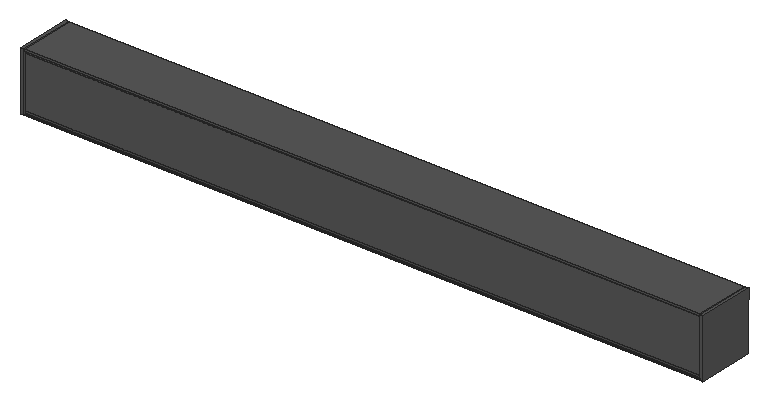
Revit family "EOS4.0-W-DI", category Lighting Fixtures, host Face, Revit 2018
Family settings
  Host = Face
  Round Connector Dimension = Use Diameter
  Part Type = Normal
  Cut with Voids When Loaded = No
  Light Source = Yes
  Shared = Yes
  Room Calculation Point = Yes
Parameters (values of type "4' Direct/ Indirect")
  Wattage = 35.2941 W
  built-in parameter 1150110 = 1 (stored number, unit not read)
  Voltage = 0 V
  built-in parameter 1114217 = 1 (stored number, unit not read)
  built-in parameter 1150109 = 1 (stored number, unit not read)
  built-in parameter 1150134 = 12
  Switch Leg Visibility = yes
  Switch Leg [instance] = ""
  built-in parameter 1150113 = 1 (stored number, unit not read)
  Material [instance] = LUX ILLUMINAIRE Black
  built-in parameter 1150105 = 954.93 (stored number, unit not read)
  Lumens = 3000 lm
  built-in parameter 1150115 = 1 (stored number, unit not read)
  Light Source Symbol Size = 2' - 0"
  built-in parameter 1150137 = (empty or 0)
  built-in parameter 1150139 = (empty or 0)
  built-in parameter 1150112 = 1 (stored number, unit not read)
  built-in parameter 1150114 = 1 (stored number, unit not read)
  Lamp = "LED"
  built-in parameter 1150132 = 2
  built-in parameter 1150102 = (empty or 0)
  built-in parameter 1150107 = 4000 (stored number, unit not read)
  built-in parameter 1150138 = (empty or 0)
  built-in parameter 1150106 = 9.5493 (stored number, unit not read)
  Fixture Width = 0' - 4 3/16"
  Fixture Symbol Visiblity = yes
  Fixture Length = 4' - 0"
  Emit from Rectangle Width = Fixture Width - 0' 0" - 0' 0 1/2"  # 0' - 3 11/16"
  Emit from Rectangle Length = Fixture Length - 0' 0" - 0' 0 1/2"  # 3' - 11 1/2"
  Emit Shape Visible in Rendering = yes
  Emergency Lighting [instance] = no
  built-in parameter 1150104 = 7.8968 (stored number, unit not read)
  Dimming Lamp Color Temperature Shift = <None>
  Default Elevation = 7' - 0"
  Color Filter = 16777215
  built-in parameter 1140040 [instance] = 1
  built-in parameter 1114218 = 1 (stored number, unit not read)
  built-in parameter 1150133 = 10 (stored number, unit not read)
  Apparent Load = 30.6 VA
Types (7): name | Wattage | built-in parameter 1150105 | Lumens | built-in parameter 1150106 | Fixture Length | Emit from Rectangle Length | Apparent Load
  2' Direct/ Indirect | 17.6471 W | 477.46 (stored number, unit not read) | 1500 lm | 4.7746 (stored number, unit not read) | 2' - 0" | 1' - 11 1/2" | 15.3 VA
  3' Direct/ Indirect | 26.4706 W | 716.2 (stored number, unit not read) | 2250 lm | 7.162 (stored number, unit not read) | 3' - 0" | 2' - 11 1/2" | 23 VA
  4' Direct/ Indirect | 35.2941 W | 954.93 (stored number, unit not read) | 3000 lm | 9.5493 (stored number, unit not read) | 4' - 0" | 3' - 11 1/2" | 30.6 VA
  5' Direct/ Indirect | 44.1176 W | 1193.7 (stored number, unit not read) | 3750 lm | 11.937 (stored number, unit not read) | 5' - 0" | 4' - 11 1/2" | 38 VA
  6' Direct/ Indirect | 52.9412 W | 1432.4 (stored number, unit not read) | 4500 lm | 14.324 (stored number, unit not read) | 6' - 0" | 5' - 11 1/2" | 45.9 VA
  7' Direct/ Indirect | 61.7647 W | 1671.1 (stored number, unit not read) | 5250 lm | 16.711 (stored number, unit not read) | 7' - 0" | 6' - 11 1/2" | 53.6 VA
  8' Direct/ Indirect | 70.5882 W | 1909.9 (stored number, unit not read) | 6000 lm | 19.099 (stored number, unit not read) | 8' - 0" | 7' - 11 1/2" | 61.2 VA
Reference planes (in)
  plane 1 "Center (Front/Back)": y = 0
  plane 2: z = 0
  plane 3 "Center (Left/Right)": x = 0
  plane 4: x = 24
  plane 5: x = -24
  plane 6: z = 1
  plane 7: x = 24.25131
  plane 8: x = -24.25
Forms (in)
  Extrusion 1, solid, material "LUX ILLUMINAIRE Black" <- "Material"
    sketch origin (0.0005, 24.09522, 2.10202) x (0.000014, 0, 1) y (0, -1, 0)
      loop
        line (-2.094, 20.08053) -> (-0.437, 20.08053) -> (0.438, 20.08053) -> (2.09501, 20.08053) -> (2.09501, 24.09501) -> (2.01002, 24.09501) -> (2.01002, 23.982) -> (1.85803, 23.99997) -> (-1.85745, 23.99997) -> (-2.00901, 23.982) -> (-2.00901, 24.09501) -> (-2.094, 24.09501) -> (-2.094, 20.08053)
    from -24.00047 to 23.9995
  Extrusion 2, solid, material "LUX ILLUMINAIRE Black" <- "Material"
    sketch origin (0.0005, 24.09522, 2.10202) x (0.000014, 0, 1) y (0, -1, 0)
      loop
        line (-2.094, 24.09501) -> (-2.094, 20.08053) -> (-0.437, 20.08053) -> (0.438, 20.08053) -> (2.09501, 20.08053) -> (2.09501, 24.09501) -> (-2.094, 24.09501)
    from 23.99953 to 24.2508
  Extrusion 3, solid, not visible
    sketch origin (0, 0, 0) x (1, 0, 0) y (0, 1, 0)
      loop
        circle (0.00029, -24) r 0.1875
    from 0 to 1
  Extrusion 4, solid, not visible
    sketch origin (0, 0, 0) x (1, 0, 0) y (0, 1, 0)
      loop
        circle (0.0005, -24) r 0.03125
    from 1 to 13.33203
  Extrusion 5, solid, not visible
    sketch origin (0, 0, 0) x (1, 0, 0) y (0, 1, 0)
      loop
        circle (0.0005, -24) r 0.18729
    from 13.33203 to 14.08203
  Extrusion 6, solid, material "LUX ILLUMINAIRE Black" <- "Material"
    sketch origin (-23.9995, 24.09522, 2.10292) x (0.000014, 0, 1) y (0, 1, 0)
      loop
        line (-2.09431, -24.09501) -> (2.09319, -24.09501) -> (2.09319, -20.08053) -> (0.438, -20.08053) -> (-0.437, -20.08053) -> (-2.09431, -20.08053) -> (-2.09431, -24.09501)
    from 0.0005 to 0.25047
Lines and regions (in)
  symbolic lines, visible <- "Fixture Symbol Visiblity"
    curve 1: line (24, 0, 4.19671) -> (-24, 0, 4.19671)
    curve 2: line (24, 0, 0.09334) -> (24, 0, 4.19671)
    curve 3: line (-24, 0, 0.09334) -> (24, 0, 0.09334)
    curve 4: line (-24, 0, 4.19671) -> (-24, 0, 0.09334)
Dimensions and locks (in)
  plane 5 to plane 4 = 4' - 0"
  plane 4 to plane 5 = 4' - 0"
  equal spacing: plane 4, plane 3 "Center (Left/Right)", plane 5
  "Fixture Length": plane 4 to plane 5
  plane 7 to plane 4 = 0' - 0.25131"
  plane 5 to plane 8 = 0' - 0 1/4"
  aligned and locked: plane 2 to host face
  aligned and locked: level to host face
  aligned and locked: plane 7 to Extrusion 2
  aligned and locked: Extrusion 2 to plane 4
  aligned and locked: plane 4 to Extrusion 1
  aligned and locked: Extrusion 6 to plane 8
  aligned and locked: plane 5 to Extrusion 6
  aligned and locked: Extrusion 1 to plane 5
  aligned and locked: plane 5 to curve 4
  aligned and locked: curve 2 to plane 4
  aligned and locked: plane 4 to nested 2
  aligned and locked: nested 2 to plane 5
Automatic sketch dimensions
  host sketch curve to host sketch curve = 8' - 0"  (x2)
  Extrusion 1 sketch curve to plane 1 "Center (Front/Back)" = 0' - 4.01469"
  Extrusion 1 sketch curve to Extrusion 1 sketch curve = 0' - 0.08499"  (x2)
  Extrusion 1 sketch curve to Extrusion 1 sketch curve = 0' - 0.15157"
  Extrusion 1 sketch curve to Extrusion 1 sketch curve = 0' - 1.65701"
  Extrusion 1 sketch curve to Extrusion 1 sketch curve = 0' - 0 7/8"
  Extrusion 1 sketch curve to plane 1 "Center (Front/Back)" = 0' - 0.09525"
  Extrusion 1 sketch curve to Extrusion 1 sketch curve = 0' - 3.71548"
  Extrusion 1 sketch curve to Extrusion 1 sketch curve = 0' - 0.15199"
  Extrusion 1 sketch curve to Extrusion 1 sketch curve = 0' - 0.01797"  (x2)
  Extrusion 1 sketch curve to Extrusion 1 sketch curve = 0' - 0.113"  (x2)
  Extrusion 2 sketch curve to plane 1 "Center (Front/Back)" = 0' - 4.01469"
  Extrusion 2 sketch curve to Extrusion 2 sketch curve = 0' - 1.65701"
  Extrusion 2 sketch curve to Extrusion 2 sketch curve = 0' - 0 7/8"
  Extrusion 2 sketch curve to plane 1 "Center (Front/Back)" = 0' - 0.00021"
  Extrusion 2 sketch curve to Extrusion 2 sketch curve = 0' - 4.18902"
  Extrusion 6 sketch curve to plane 1 "Center (Front/Back)" = 0' - 4.01469"
  Extrusion 6 sketch curve to Extrusion 6 sketch curve = 0' - 1.65731"
  Extrusion 6 sketch curve to Extrusion 6 sketch curve = 0' - 0 7/8"
  Extrusion 6 sketch curve to plane 1 "Center (Front/Back)" = 0' - 0.00021"
  Extrusion 6 sketch curve to Extrusion 6 sketch curve = 0' - 4 3/16"
  level to curve 3 = 0' - 0.09334"
  plane 6 to curve 2 = 0' - 3.19671"
  radius of Extrusion 3 sketch curve = 0' - 0 3/16"
  radius of Extrusion 4 sketch curve = 0' - 0 1/32"
  radius of Extrusion 5 sketch curve = 0' - 0.18729"
Nested families (in)
  nested 1: "Indirect Light Source 1" at (0, -4.6078, -51.98886) x (-1, 0, 0) z (0, 0, 1), type "Indirect Light Source 1"
  nested 2: "Emergency Symbol Rectangle" at (0, 0, -9.6721) x (-1, 0, 0) z (0, -1, 0), visible <- "Emergency Lighting", type "Emergency Symbol Rectangle"
    with Width 1' - 0.23826", Length 4' - 0"
Connectors (in)
  electrical at (0, 4.01469, 0.83652), driven by "Apparent Load", driven by "Voltage"
    settings: on Extrusion 1, index 1, voltage 0 V, apparent load 0 VA, apparent load phase1 30.6 VA, apparent load phase2 0 VA, apparent load phase3 0 VA, power factor 1, load classification "Other", number of poles 1, system type 31, power factor state 1, is connector primary yes, connector utility no, sub classification motor no, connector description ""
Definition of nested family "Indirect Light Source 1"
  Parameters (values of type "Indirect Light Source 1")
    Wattage = 20 W
    built-in parameter 1150110 = 1 (stored number, unit not read)
    built-in parameter 1114217 = 1 (stored number, unit not read)
    built-in parameter 1150109 = 1 (stored number, unit not read)
    built-in parameter 1150134 = (empty or 0)
    built-in parameter 1150113 = 1 (stored number, unit not read)
    Lumens = 1700 lm
    built-in parameter 1150115 = 1 (stored number, unit not read)
    built-in parameter 1150105 = 541.13 (stored number, unit not read)
    Light Source Symbol Size = 2' - 0"
    built-in parameter 1150137 = (empty or 0)
    built-in parameter 1150139 = (empty or 0)
    built-in parameter 1150112 = 1 (stored number, unit not read)
    built-in parameter 1150114 = 1 (stored number, unit not read)
    built-in parameter 1150132 = (empty or 0)
    built-in parameter 1150102 = (empty or 0)
    built-in parameter 1150138 = (empty or 0)
    built-in parameter 1150107 = 3500 (stored number, unit not read)
    built-in parameter 1150106 = 5.4113 (stored number, unit not read)
    Emit from Rectangle Width = 0' - 4 3/16"
    Emit from Rectangle Length = 4' - 0"
    Emit Shape Visible in Rendering = no
    built-in parameter 1150104 = 7.8968 (stored number, unit not read)
    Dimming Lamp Color Temperature Shift = (empty or 0)
    Color Filter = 16777215
    built-in parameter 1114218 = 1 (stored number, unit not read)
    built-in parameter 1150133 = 10 (stored number, unit not read)
  Reference planes (in)
    plane 1 "Light Source Axis (F/B)": y = -8.60801
    plane 2: z = 0
    plane 3 "Light Source Axis (L/R)": x = 0
    plane 4 "Light Source Elevation": z = 54
    plane 5: z = 0
  Dimensions and locks (in)
    aligned and locked: plane 3 "Light Source Axis (L/R)" to imposter light
    aligned and locked: level to plane 5
Definition of nested family "Emergency Symbol Rectangle"
  Parameters (values of type "Emergency Symbol Rectangle")
    Width [instance] = 0' - 8 1/2"
    Length [instance] = 5' - 0"
    Emergency Visibility = no
  Reference planes (in)
    plane 1 "Center (Front/Back)": y = -7.75
    plane 2: z = 0
    plane 3 "Center (Left/Right)": x = -24
    plane 4: x = 24
    plane 5: x = -36
    plane 6: y = -3.5
    plane 7: y = -12
  Lines and regions (in)
    Filled region 1, type "Solid Fill - Black", in view "Ref. Level", detail levels coarse+medium
      outline origin (0, 0.25, 0) x (1, 0, 0) y (0, 1, 0)
        loop
          line (-36, -12.25) -> (24, -12.25) -> (-36, -10.125) -> (-36, -12.25)
  Dimensions and locks (in)
    equal spacing: plane 7, plane 1 "Center (Front/Back)", plane 6
    "Width": plane 7 to plane 6
    "Length": plane 5 to plane 4
    aligned and locked: plane 5 to Filled region 1
  Automatic sketch dimensions
    plane 1 "Center (Front/Back)" to Filled region 1 sketch curve = 0' - 2 1/8"
    Filled region 1 sketch curve to plane 3 "Center (Left/Right)" = 1' - 0"
    Filled region 1 sketch curve to plane 4 = 0' - 0"
    Filled region 1 sketch curve to plane 7 = 0' - 0"
